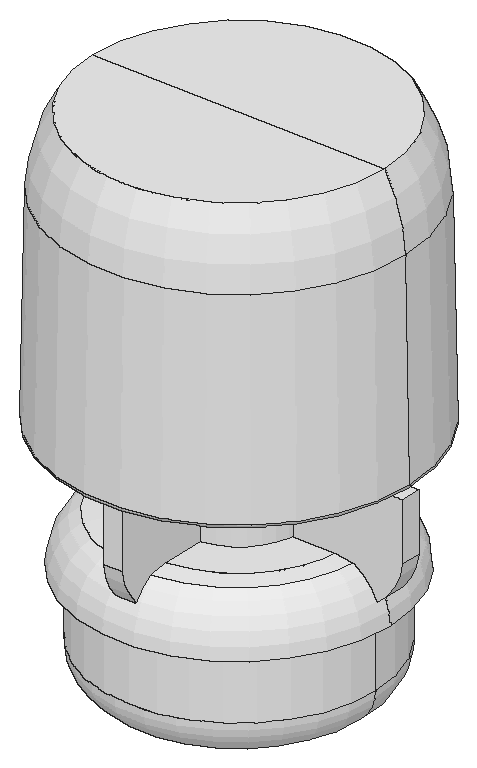
Revit family "3Aveo Sensors_RA_RFA", category Pipe Accessories, Revit 2019
Family settings
  Round Connector Dimension = Use Diameter
  Part Type = Normal
  OmniClass Number = 23.65.55.14.17
  OmniClass Title = Adjusting/Controlling Valves for Liquid Services
  Work Plane-Based = No
  Always vertical = Yes
  Cut with Voids When Loaded = No
  Shared = Yes
Parameters (values of type "Aveo Sensors_Built-in_7-28 °C")
  YH = XYadd - H'  # 516 mm
  Y' [instance] = if(Box Y Offset < -1 * XYlimit, XYadd - XYlimit, (if(Box Y Offset > XYlimit, XYadd + XYlimit, Box Y Offset + XYadd)))  # 700 mm
  XYadd = XYlimit + 100 mm  # 600 mm
  X' [instance] = if(Box X Offset < -1 * XYlimit, XYadd - XYlimit, (if(Box X Offset > XYlimit, XYadd + XYlimit, Box X Offset + XYadd)))  # 700 mm
  XYlimit = 500 mm
  W [instance] = 56 mm
  Tactile Temperature Setting = "Yes (Tactile feedback every 0.5°C)"
  Min Temperature Setting = "7 °C"  # constant formula
  Max Temperature Setting = "28 °C"
  Max Capillary Tube Length = 0 mm
  L [instance] = 56 mm
  Box Z Offset [instance] = 100 mm  # constant formula
  Aveo Sensor = Aveo_RFA : Aveo Sensors
  Sensor Media = "Gas"  # constant formula
  Remote Sensor = if(RS = 1, 1 = 1, 1 = 0)  # no
  URL = "https://store.danfoss.com/en/Climate-Solutions-for-heating/Radiator-Thermostats/Radiator-sensors/Room-sensor-mTRV/Sensors-for-Danfoss-RA-valves/c/13884?q=%3Arelevance%3Adanfoss_producttypehierarchydesc%3ADanfoss+Aveo%C2%AE+Sensors%3Adanfoss_a1186338575%3AA1186_3385757565fa0f3e171a343b2fd2a01064cb82&text="
  RS = 0
  Model Type = "Aveo Sensors_Built-in_7-28 °C"
  Model = "015G4090,015G4098,015G4290"
  Manufacturer = "Danfoss"  # constant formula
  LOD 350 [instance] = not(LOD 200)  # yes
  LOD 200 [instance] = no
  IfcExportType = "Aveo Sensors"  # constant formula
  IfcExportAs = "IfcActuatorType"  # constant formula
  H' = 84 mm
  H [instance] = 84 mm
  Description = "Radiator Sensor"  # constant formula
  Connection = "RA"  # constant formula
  Box Y Offset [instance] = 100 mm
  Box X Offset [instance] = 100 mm
  Body Material = Danfoss Plastic White
Types (8, lengths in mm): name | YH | Y' | XYadd | X' | XYlimit | W | Tactile Temperature Setting | Max Temperature Setting | Max Capillary Tube Length | L | Aveo Sensor | Remote Sensor | URL | RS | Model Type | Model
  (no name) | 516 | 700 | 600 | 700 | 500 | 56 | "Yes (Tactile feedback every 0.5°C)" | "28 °C" | 0 | 56 | Aveo_RFA : Aveo Sensors | no | "https://store.danfoss.com/en/Climate-Solutions-for-heating/Radiator-Thermostats/Radiator-sensors/Room-sensor-mTRV/Sensors-for-Danfoss-RA-valves/c/13884?q=%3Arelevance%3Adanfoss_producttypehierarchydesc%3ADanfoss+Aveo%C2%AE+Sensors%3Adanfoss_a1186338575%3AA1186_3385757565fa0f3e171a343b2fd2a01064cb82&text=" | 0 | "Aveo Sensors_Built-in_7-28 °C" | "015G4090,015G4098,015G4290"
  Aveo Sensors_Remote_7-21 °C_015G4182 | 1016 | 1200 | 1100 | 1200 | 1000 | 56 | "Yes (Tactile feedback every 0.5°C)" | "21 °C" | 2000 | 56 | Aveo_RFA : Aveo Sensors | yes | "https://store.danfoss.com/en/Climate-Solutions-for-heating/Radiator-Thermostats/Radiator-sensors/Room-sensor-mTRV/Sensors-for-Danfoss-RA-valves/c/13884?q=%3Arelevance%3Adanfoss_producttypehierarchydesc%3ADanfoss+Aveo%C2%AE+Sensors%3Adanfoss_a1186338575%3AA1186_3385756922a4d78decdb47e1e9a53dbb12a95d&text=" | 1 | "Aveo Sensors_Remote_7-21 °C" | "015G4182"
  Aveo Sensors_Tamperproof_Built-in_7-28 °C | 516 | 700 | 600 | 700 | 500 | 61 | "No" | "28 °C" | 0 | 61.03 | Aveo_RFA : Aveo Sensors_Tamper | no | "https://store.danfoss.com/en/Climate-Solutions-for-heating/Radiator-Thermostats/Radiator-sensors/Room-sensor-mTRV/Sensors-for-Danfoss-RA-valves/c/13884?q=%3Arelevance%3Adanfoss_producttypehierarchydesc%3ADanfoss+Aveo%C2%AE+Sensors%3Adanfoss_a1143338549%3AA1143_33854930bf066c25ae61e81a17fb3e21ea8fe7%3Adanfoss_a1186338575%3AA1186_3385757565fa0f3e171a343b2fd2a01064cb82&text=" | 0 | "Aveo Sensors_Tamperproof_Built-in_7-28 °C" | "015G4040,015G4240"
  Aveo Sensors_Tamperproof_Remote_7-26 °C_015G4042 | 1016 | 1200 | 1100 | 1200 | 1000 | 60.97 | "No" | "26 °C" | 2000 | 61.03 | Aveo_RFA : Aveo Sensors_Tamper | yes | "https://store.danfoss.com/en/Climate-Solutions-for-heating/Radiator-Thermostats/Radiator-sensors/Room-sensor-mTRV/Sensors-for-Danfoss-RA-valves/c/13884?q=%3Arelevance%3Adanfoss_producttypehierarchydesc%3ADanfoss+Aveo%C2%AE+Sensors%3Adanfoss_a1143338549%3AA1143_33854930bf066c25ae61e81a17fb3e21ea8fe7%3Adanfoss_a1186338575%3AA1186_3385756922a4d78decdb47e1e9a53dbb12a95d" | 1 | "Aveo Sensors_Tamperproof_Remote_7-26 °C" | "015G4042"
  Aveo Sensors_Built-in_7-21 °C_015G4180 | 516 | 700 | 600 | 700 | 500 | 56 | "Yes (Tactile feedback every 0.5°C)" | "21 °C" | 0 | 56 | Aveo_RFA : Aveo Sensors | no | "https://store.danfoss.com/en/Climate-Solutions-for-heating/Radiator-Thermostats/Radiator-sensors/Room-sensor-mTRV/Sensors-for-Danfoss-RA-valves/c/13884?q=%3Arelevance%3Adanfoss_producttypehierarchydesc%3ADanfoss+Aveo%C2%AE+Sensors%3Adanfoss_a1186338575%3AA1186_3385757565fa0f3e171a343b2fd2a01064cb82&text=" | 0 | "Aveo Sensors_Built-in_7-21 °C" | "015G4180"
  Aveo Sensors_Built-in_7-23 °C_015G4123 | 516 | 700 | 600 | 700 | 500 | 56 | "Yes (Tactile feedback every 0.5°C)" | "23 °C" | 0 | 56 | Aveo_RFA : Aveo Sensors | no | "https://store.danfoss.com/en/Climate-Solutions-for-heating/Radiator-Thermostats/Radiator-sensors/Room-sensor-mTRV/Sensors-for-Danfoss-RA-valves/c/13884?q=%3Arelevance%3Adanfoss_producttypehierarchydesc%3ADanfoss+Aveo%C2%AE+Sensors%3Adanfoss_a1186338575%3AA1186_3385757565fa0f3e171a343b2fd2a01064cb82&text=" | 0 | "Aveo Sensors_Built-in_7-23 °C" | "015G4123"
  Aveo Sensors_Built-in_7-28 °C | 516 | 700 | 600 | 700 | 500 | 56 | "Yes (Tactile feedback every 0.5°C)" | "28 °C" | 0 | 56 | Aveo_RFA : Aveo Sensors | no | "https://store.danfoss.com/en/Climate-Solutions-for-heating/Radiator-Thermostats/Radiator-sensors/Room-sensor-mTRV/Sensors-for-Danfoss-RA-valves/c/13884?q=%3Arelevance%3Adanfoss_producttypehierarchydesc%3ADanfoss+Aveo%C2%AE+Sensors%3Adanfoss_a1186338575%3AA1186_3385757565fa0f3e171a343b2fd2a01064cb82&text=" | 0 | "Aveo Sensors_Built-in_7-28 °C" | "015G4090,015G4098,015G4290"
  Aveo Sensors_Remote_7-26 °C | 1016 | 1200 | 1100 | 1200 | 1000 | 56 | "Yes (Tactile feedback every 0.5°C)" | "26 °C" | 2000 | 56 | Aveo_RFA : Aveo Sensors | yes | "https://store.danfoss.com/en/Climate-Solutions-for-heating/Radiator-Thermostats/Radiator-sensors/Room-sensor-mTRV/Sensors-for-Danfoss-RA-valves/c/13884?q=%3Arelevance%3Adanfoss_producttypehierarchydesc%3ADanfoss+Aveo%C2%AE+Sensors%3Adanfoss_a1186338575%3AA1186_3385756922a4d78decdb47e1e9a53dbb12a95d&text=" | 1 | "Aveo Sensors_Remote_7-26 °C" | "015G4092,015G4292"
Reference planes
  plane 1 "Center (Front/Back)": y = 0
  plane 2: z = 0
  plane 3 "Center (Left/Right)": x = 0
  plane 4: x = -600
  plane 5: z = -516
  plane 6: z = 184
Lines and regions (mm)
  reference lines
    curve 1: line (100, 100, 0) -> (100, 0, 0)
    curve 2: line (17.515, 100, 0) -> (-57.485, 100, 0)
Dimensions and locks
  "XYadd": plane 4 to plane 3 "Center (Left/Right)"
  "YH": level to plane 5
  locked: plane 1 "Center (Front/Back)" to curve 2 at 100
  "Y'": plane 6 to plane 5
  "X'": plane 4 to curve 1
  "H": nested 1 to level
  nested 2 to nested 1 = 100 mm
  nested 2 to plane 3 "Center (Left/Right)" = 100 mm
  "Box Z Offset": nested 2 to plane 1 "Center (Front/Back)"
  nested 1 to nested 1 = 56 mm
  "L": nested 1 to nested 1
  aligned and locked: level to plane 2
  aligned and locked: plane 3 "Center (Left/Right)" to nested 1
  aligned and locked: plane 1 "Center (Front/Back)" to nested 1
  aligned and locked: curve 1 to nested 2
  aligned and locked: plane 6 to nested 2
  aligned and locked: nested 1 to level
Automatic sketch dimensions
  plane 1 "Center (Front/Back)" to curve 1 = 0 mm
  plane 3 "Center (Left/Right)" to curve 2 = 17.515 mm
  curve 2 to plane 3 "Center (Left/Right)" = 57.485 mm
Nested families
  nested 1: "Aveo_RFA" at (0, 0, 0), type <- "Aveo Sensor", type "Aveo Sensors", detail levels fine
  nested 2: "Remote sensor_box_RFA" at (100, 100, 184) x (-1, 0, 0) z (0, -1, 0), LOD 200 <- "LOD 200", Body Material <- "Body Material", visible <- "Remote Sensor", type "Remote sensor_box"
    with LOD 350 yes, LOD 200 no, Body Material Danfoss Plastic White
Definition of nested family "Aveo_RFA"
  Parameters (values of type "Aveo Sensors")
    W = L  # 56 mm
    URL = ""
    With Tamper (LOD 350) = if(and(LOD 350, D1 = 1 mm), 1 = 1, 1 = 0)  # no
    Standard (LOD 200) = and(not([Standard (LOD 350)]), not(With Tamper), not([With Tamper (LOD 350)]))  # no
    Sensor Media = "Gas"  # constant formula
    Model = ""
    Manufacturer = "Danfoss"  # constant formula
    LOD 350 = not(LOD 200)  # yes
    LOD 200 = no
    With Tamper = if(and(LOD 200, D1 = 1 mm), 1 = 1, 1 = 0)  # no
    L = 56 mm
    IfcExportType = "Aveo Sensors"  # constant formula
    IfcExportAs = "IfcActuatorType"  # constant formula
    H [instance] = 84 mm
    Description = "Radiator Sensor"  # constant formula
    D1 = 0 mm
    Connection = "RA"  # constant formula
    Body Material = none
    Standard (LOD 350) = and(not(LOD 200), not([With Tamper (LOD 350)]))  # yes
  Types (2, lengths in mm): name | W | With Tamper (LOD 350) | L | D1 | Standard (LOD 350)
    Aveo Sensors_Tamper | 61.03 | yes | 61.03 | 1 | no
    Aveo Sensors | 56 | no | 56 | 0 | yes
  Reference planes
    plane 1 "Center (Front/Back)": y = 0
    plane 2: z = 0
    plane 3 "Center (Left/Right)": x = 0
    plane 4: y = 28
    plane 5: z = 84
    plane 6: y = -28
    plane 7: z = 15.7
    plane 8: z = 55.7
    plane 9: x = -28
    plane 10: x = 28
  Forms (mm)
    Revolve 1, solid, material <- "Body Material", visible <- "Standard (LOD 350)"
      sketch origin (58.75, 0, 0) x (1, 0, 0) y (0, 0, 1)
        loop
          line (-85.931, 72.625) -> (-86.573, 39.37)
          arc (-86.573, 39.37) -> (-86.43, 39.01) -> (-86.073, 38.861) r 0.499
          line (-86.073, 38.861) -> (-76.586, 38.861) -> (-58.75, 38.861) -> (-58.75, 84) -> (-82.453, 84)
          arc (-82.453, 84) -> (-84.968, 78.55) -> (-85.931, 72.625) r 22.184
        loop
          line (-81.015, 17.711) -> (-81.015, 7.41)
          arc (-81.015, 7.41) -> (-79.155, 2.921) -> (-74.665, 1.061) r 6.349
          line (-74.665, 1.061) -> (-72.426, 1.061) -> (-71.627, 0) -> (-58.75, 0) -> (-58.75, 26.296) -> (-75.835, 26.296) -> (-78.801, 25.879)
          arc (-78.801, 25.879) -> (-82.169, 22.397) -> (-83.397, 17.711) r 9.556
          line (-83.397, 17.711) -> (-81.015, 17.711)
        axis (-58.75, 84) -> (-58.75, 0)
      angle from 0 to 360
    Revolve 2, solid, material <- "Body Material", visible <- "Standard (LOD 200)"
      sketch origin (0, 0, 0) x (1, 0, 0) y (0, 0, 1)
        loop
          line (0, 84) -> (-23.703, 84)
          arc (-23.703, 84) -> (-26.857, 80.567) -> (-28, 76.047) r 9.507
          line (-28, 76.047) -> (-28, 26.296) -> (0, 26.296) -> (0, 84)
        axis (0, 84) -> (0, 26.296)
      angle from 0 to 360
    Extrusion 3, solid, material <- "Body Material", visible <- "Standard (LOD 350)"
      sketch origin (0, 0, 0) x (1, 0, 0) y (0, 0, 1)
        loop
          line (-10.112, 38.861) -> (-18.956, 38.861) -> (-22.118, 37.969) -> (-28, 37.969) -> (-28, 28.615)
          arc (-28, 28.615) -> (-24.743, 22.336) -> (-18.133, 19.817) r 9.932
          line (-18.133, 19.817) -> (-10.112, 19.817) -> (-10.112, 38.861)
      from -1.599 to 1.564
    Extrusion 4, solid, material <- "Body Material", visible <- "Standard (LOD 350)"
      sketch origin (0, 0, 0) x (0, 1, 0) y (0, 0, 1)
        loop
          line (-7.612, 38.861) -> (-16.456, 38.861) -> (-19.618, 37.969) -> (-25.5, 37.969) -> (-25.5, 28.615)
          arc (-25.5, 28.615) -> (-22.243, 22.336) -> (-15.633, 19.817) r 9.932
          line (-15.633, 19.817) -> (-7.612, 19.817) -> (-7.612, 38.861)
      from -1.599 to 1.564
    Extrusion 5, solid, material <- "Body Material", visible <- "Standard (LOD 350)"
      sketch origin (0, 0, 0) x (-1, 0, 0) y (0, 0, -1)
        loop
          line (-10.112, -38.861) -> (-10.112, -19.817) -> (-18.133, -19.817)
          arc (-18.133, -19.817) -> (-24.743, -22.336) -> (-28, -28.615) r 9.932
          line (-28, -28.615) -> (-28, -37.969) -> (-22.118, -37.969) -> (-18.956, -38.861) -> (-10.112, -38.861)
      from -1.599 to 1.564
    Revolve 6, solid, material <- "Body Material", visible <- "Standard (LOD 200)"
      sketch origin (0, 0, 0) x (1, 0, 0) y (0, 0, 1)
        loop
          line (-22.577, 26.296) -> (-22.577, 0) -> (0, 0) -> (0, 26.296) -> (-22.577, 26.296)
        axis (0, 26.296) -> (0, 0)
      angle from 0 to 360
    Revolve 7, solid, material <- "Body Material", visible <- "With Tamper (LOD 350)"
      sketch origin (0, 0, 0) x (1, 0, 0) y (0, 0, 1)
        loop
          line (-13.252, 0) -> (0, 0) -> (0, 84) -> (-23.345, 84)
          arc (-23.345, 84) -> (-26.272, 78.338) -> (-27.354, 72.056) r 20.885
          line (-27.354, 72.056) -> (-27.64, 55.7) -> (-29.195, 55.7) -> (-30.485, 54.745) -> (-30.485, 38.723) -> (-22.149, 18.09)
          arc (-22.149, 18.09) -> (-20.819, 16.357) -> (-18.736, 15.7) r 3.632
          line (-18.736, 15.7) -> (-17.049, 15.7) -> (-17.049, 1.11) -> (-13.252, 1.11) -> (-13.252, 0)
        axis (0, 84) -> (0, 0)
      angle from 0 to 360
    Revolve 8, solid, material <- "Body Material", visible <- "With Tamper"
      sketch origin (0, 0, 0) x (1, 0, 0) y (0, 0, 1)
        loop
          line (-17.049, 15.7) -> (-17.049, 0) -> (0, 0) -> (0, 15.7) -> (-17.049, 15.7)
        axis (0, 15.7) -> (0, 0)
      angle from 0 to 360
    Revolve 9, solid, material <- "Body Material", visible <- "With Tamper"
      sketch origin (0, 0, 0) x (1, 0, 0) y (0, 0, 1)
        loop
          line (0, 84) -> (-22.305, 84)
          arc (-22.305, 84) -> (-28.1, 81.6) -> (-30.5, 75.805) r 8.195
          line (-30.5, 75.805) -> (-30.5, 38.991) -> (-21.201, 15.7) -> (0, 15.7) -> (0, 84)
        axis (0, 84) -> (0, 15.7)
      angle from 0 to 360
    Extrusion 10, solid, visible <- "Standard (LOD 350)"
      sketch origin (0, 0, 0) x (1, 0, 0) y (0, 0, 1)
        loop
          arc (1.774, 26.527) -> (3.062, 27.175) -> (3.617, 28.507) r 2.075
          line (3.617, 28.507) -> (3.617, 31.972)
          arc (3.617, 31.972) -> (3.435, 33.865) -> (2.894, 35.69) r 9.921
          arc (2.894, 35.69) -> (2.616, 36.316) -> (2.295, 36.921) r 9.921
          arc (2.295, 36.921) -> (1.778, 37.482) -> (1.072, 37.77) r 1.747
          line (1.072, 37.77) -> (-1.072, 37.77)
          arc (-1.072, 37.77) -> (-1.778, 37.482) -> (-2.295, 36.921) r 1.747
          arc (-2.295, 36.921) -> (-2.616, 36.316) -> (-2.894, 35.69) r 9.921
          arc (-2.894, 35.69) -> (-3.435, 33.865) -> (-3.617, 31.972) r 9.921
          line (-3.617, 31.972) -> (-3.617, 28.507)
          arc (-3.617, 28.507) -> (-3.062, 27.175) -> (-1.774, 26.527) r 2.075
          line (-1.774, 26.527) -> (1.774, 26.527)
      from -27.797 to -25.847
    Extrusion 11, solid, material <- "Body Material", visible <- "Standard (LOD 350)"
      sketch origin (0, 0, 0) x (0, 1, 0) y (0, 0, 1)
        loop
          line (7.612, 38.861) -> (7.612, 19.42) -> (16.192, 19.42)
          arc (16.192, 19.42) -> (20.244, 20.167) -> (23.763, 22.31) r 11.36
          arc (23.763, 22.31) -> (25.412, 24.295) -> (26.713, 26.524) r 15.693
          line (26.713, 26.524) -> (25.847, 26.524) -> (25.847, 38.861) -> (7.612, 38.861)
      from -1.6 to 1.56
    Revolve 12, solid, material <- "Body Material", visible <- "Standard (LOD 350)"
      sketch origin (0, 0, 0) x (1, 0, 0) y (0, 0, 1)
        loop
          line (0, 38.861) -> (-10.112, 38.861) -> (-10.112, 26.296) -> (0, 26.296) -> (0, 38.861)
        axis (0, 38.861) -> (0, 26.296)
      angle from 0 to 360
  Lines and regions (mm)
    symbolic lines
      curve 1: line (25.939, -10.66, 0) -> (27.155, -6.916, 0)
  Dimensions and locks
    "H": plane 5 to level
    "W": plane 4 to plane 6
    equal spacing: plane 4, plane 1 "Center (Front/Back)", plane 6
    locked: plane 7 to level at 15.7
    level to Extrusion 10 sketch curve = 26.527 mm
    level to Extrusion 10 sketch curve = 37.77 mm
    locked: plane 8 to level at 55.7
    plane 4 to plane 6 = 56 mm
    "L": plane 9 to plane 10
    equal spacing: plane 9, plane 3 "Center (Left/Right)", plane 10
    aligned and locked: level to plane 2
    aligned and locked: Revolve 6 sketch curve to level
    aligned and locked: plane 3 "Center (Left/Right)" to Revolve 6 sketch curve
    aligned and locked: Revolve 6 sketch curve to plane 3 "Center (Left/Right)"
    aligned and locked: Revolve 7 sketch curve to plane 3 "Center (Left/Right)"  (x2)
    aligned and locked: Revolve 7 sketch curve to plane 5
    aligned and locked: Revolve 7 sketch curve to level
    aligned and locked: plane 7 to Revolve 7 sketch curve
    aligned and locked: Revolve 8 sketch curve to plane 7
    aligned and locked: Revolve 8 sketch curve to level
    aligned and locked: Revolve 8 sketch curve to plane 3 "Center (Left/Right)"  (x2)
    aligned and locked: plane 3 "Center (Left/Right)" to Revolve 9 sketch curve
    aligned and locked: Revolve 9 sketch curve to plane 7
    aligned and locked: plane 5 to Revolve 9 sketch curve
    aligned and locked: Revolve 9 sketch curve to plane 3 "Center (Left/Right)"
    aligned and locked: Revolve 2 sketch curve to plane 3 "Center (Left/Right)"
    aligned and locked: Revolve 12 sketch curve to plane 3 "Center (Left/Right)"  (x2)
    aligned and locked: Extrusion 3 to Revolve 12 sketch curve
    aligned and locked: Revolve 1 to Revolve 12 sketch curve  (x2)
    aligned and locked: plane 8 to Revolve 7 sketch curve
    aligned and locked: Extrusion 11 sketch curve to Extrusion 10
    aligned and locked: plane 3 "Center (Left/Right)" to Revolve 1 sketch curve  (x2)
    aligned and locked: Revolve 1 sketch curve to plane 3 "Center (Left/Right)"
  Automatic sketch dimensions
    plane 1 "Center (Front/Back)" to curve 1 = 10.66 mm
    curve 1 to curve 1 = 3.744 mm
    Extrusion 3 sketch curve to Extrusion 3 sketch curve = 3.162 mm
    Extrusion 3 sketch curve to Extrusion 3 sketch curve = 3.985 mm
    Extrusion 3 sketch curve to Extrusion 3 sketch curve = 8.021 mm
    Extrusion 3 sketch curve to Extrusion 3 sketch curve = 9.353 mm
    Extrusion 3 sketch curve to Extrusion 3 sketch curve = 0.892 mm
    plane 6 to Extrusion 4 sketch curve = 2.5 mm
    Extrusion 4 sketch curve to Extrusion 4 sketch curve = 5.882 mm
    Extrusion 4 sketch curve to Extrusion 4 sketch curve = 3.162 mm
    Extrusion 4 sketch curve to Extrusion 4 sketch curve = 3.985 mm
    Extrusion 4 sketch curve to Extrusion 4 sketch curve = 8.021 mm
    Extrusion 4 sketch curve to Extrusion 4 sketch curve = 9.353 mm
    Extrusion 4 sketch curve to Extrusion 4 sketch curve = 0.892 mm
    Extrusion 5 sketch curve to Extrusion 5 sketch curve = 5.882 mm
    Extrusion 5 sketch curve to Extrusion 5 sketch curve = 3.162 mm
    Extrusion 5 sketch curve to Extrusion 5 sketch curve = 3.985 mm
    Extrusion 5 sketch curve to Extrusion 5 sketch curve = 8.021 mm
    Extrusion 5 sketch curve to Extrusion 5 sketch curve = 9.353 mm
    Extrusion 5 sketch curve to Extrusion 5 sketch curve = 0.892 mm
    Revolve 1 sketch curve to plane 5 = 0 mm
    Revolve 1 sketch curve to level = 0 mm
    Revolve 1 sketch curve to plane 3 "Center (Left/Right)" = 5.004 mm
    Revolve 1 sketch curve to plane 3 "Center (Left/Right)" = 12.877 mm
    Revolve 1 sketch curve to Revolve 1 sketch curve = 0.8 mm
    Revolve 1 sketch curve to Revolve 1 sketch curve = 15.091 mm
    level to Revolve 1 sketch curve = 1.061 mm
    Revolve 1 sketch curve to Revolve 1 sketch curve = 2.239 mm
    Revolve 1 sketch curve to Revolve 1 sketch curve = 2.966 mm
    Revolve 1 sketch curve to Revolve 1 sketch curve = 2.383 mm
    Revolve 1 sketch curve to Revolve 1 sketch curve = 0.001 mm
    Revolve 1 sketch curve to Revolve 1 sketch curve = 0.417 mm
    Revolve 1 sketch curve to Revolve 1 sketch curve = 0.499 mm
    Revolve 1 sketch curve to level = 366.045 mm
    Revolve 1 sketch curve to Revolve 1 sketch curve = 11.936 mm
    Revolve 1 sketch curve to Revolve 1 sketch curve = 2130.315 mm
    Revolve 6 sketch curve to level = 366.045 mm
    plane 5 to Revolve 6 sketch curve = 2130.315 mm
    Revolve 1 sketch curve to Revolve 1 sketch curve = 10.301 mm
    level to Extrusion 3 sketch curve = 19.817 mm
    Extrusion 3 sketch curve to Extrusion 3 sketch curve = 8.799 mm
    level to Extrusion 4 sketch curve = 19.817 mm
    Extrusion 4 sketch curve to Extrusion 4 sketch curve = 8.799 mm
    Extrusion 5 sketch curve to level = 19.817 mm
    Extrusion 5 sketch curve to Extrusion 5 sketch curve = 8.799 mm
    Revolve 8 sketch curve to level = 366.045 mm
    plane 5 to Revolve 8 sketch curve = 2130.315 mm
    plane 7 to Revolve 9 sketch curve = 23.291 mm
    Revolve 9 sketch curve to level = 366.045 mm
    plane 5 to Revolve 9 sketch curve = 2130.315 mm
    Revolve 2 sketch curve to plane 5 = 0 mm
    Revolve 2 sketch curve to plane 3 "Center (Left/Right)" = 0 mm
    Revolve 2 sketch curve to plane 5 = 7.953 mm
    Revolve 2 sketch curve to Revolve 2 sketch curve = 9.507 mm
    Revolve 2 sketch curve to level = 366.045 mm
    Revolve 2 sketch curve to Revolve 2 sketch curve = 2130.315 mm
    plane 7 to Revolve 6 sketch curve = 10.596 mm
    Revolve 1 sketch curve to Revolve 1 sketch curve = 9.487 mm
    Revolve 1 sketch curve to Revolve 1 sketch curve = 12.565 mm
    Extrusion 10 sketch curve to Extrusion 10 sketch curve = 0.002 mm  (x2)
    Extrusion 10 sketch curve to Extrusion 10 sketch curve = 0.003 mm  (x3)
    Extrusion 10 sketch curve to plane 3 "Center (Left/Right)" = 6.305 mm
    Extrusion 10 sketch curve to plane 3 "Center (Left/Right)" = 3.617 mm
    Extrusion 10 sketch curve to plane 3 "Center (Left/Right)" = 1.774 mm
    Extrusion 10 sketch curve to plane 3 "Center (Left/Right)" = 1.543 mm
    Extrusion 10 sketch curve to plane 3 "Center (Left/Right)" = 1.072 mm
    Extrusion 10 sketch curve to plane 3 "Center (Left/Right)" = 0.781 mm
    plane 3 "Center (Left/Right)" to Extrusion 10 sketch curve = 0.781 mm
    plane 3 "Center (Left/Right)" to Extrusion 10 sketch curve = 1.072 mm
    plane 3 "Center (Left/Right)" to Extrusion 10 sketch curve = 1.543 mm
    Extrusion 10 sketch curve to Extrusion 10 sketch curve = 2.074 mm
    Extrusion 10 sketch curve to Extrusion 10 sketch curve = 2.687 mm
    Extrusion 10 sketch curve to Extrusion 10 sketch curve = 1.979 mm  (x2)
    Extrusion 10 sketch curve to Extrusion 10 sketch curve = 2.062 mm
    Extrusion 10 sketch curve to Extrusion 10 sketch curve = 3.468 mm
    Extrusion 10 sketch curve to Extrusion 10 sketch curve = 0 mm
    Extrusion 10 sketch curve to Extrusion 10 sketch curve = 0.85 mm
    Extrusion 10 sketch curve to Extrusion 10 sketch curve = 0.599 mm  (x2)
    plane 7 to Revolve 2 sketch curve = 10.596 mm
    Revolve 12 sketch curve to level = 366.045 mm
    plane 5 to Revolve 12 sketch curve = 2130.315 mm
    Revolve 7 sketch curve to plane 3 "Center (Left/Right)" = 6.472 mm
    Revolve 7 sketch curve to Revolve 7 sketch curve = 1.687 mm
    plane 7 to Revolve 7 sketch curve = 2.39 mm
    Revolve 7 sketch curve to Revolve 7 sketch curve = 3.413 mm
    Revolve 7 sketch curve to Revolve 7 sketch curve = 1.29 mm
    level to Revolve 7 sketch curve = 1.11 mm
    Revolve 7 sketch curve to Revolve 7 sketch curve = 16.022 mm
    Revolve 7 sketch curve to Revolve 7 sketch curve = 0.955 mm
    Revolve 7 sketch curve to Revolve 7 sketch curve = 12.308 mm
    Revolve 7 sketch curve to Revolve 7 sketch curve = 3.797 mm
    Revolve 7 sketch curve to level = 366.045 mm
    plane 5 to Revolve 7 sketch curve = 2130.315 mm
    Revolve 1 sketch curve to Revolve 1 sketch curve = 1.994 mm
    Revolve 1 sketch curve to Revolve 1 sketch curve = 0.751 mm
    plane 7 to Revolve 1 sketch curve = 2.011 mm
    Revolve 1 sketch curve to Revolve 1 sketch curve = 18.699 mm
    Revolve 1 sketch curve to plane 5 = 11.375 mm
    Revolve 1 sketch curve to plane 8 = 16.33 mm
    Revolve 2 sketch curve to plane 3 "Center (Left/Right)" = 18.493 mm
    Extrusion 3 sketch curve to plane 3 "Center (Left/Right)" = 28 mm
    Extrusion 3 sketch curve to Extrusion 3 sketch curve = 5.882 mm
    Revolve 6 sketch curve to plane 3 "Center (Left/Right)" = 22.577 mm
    Revolve 7 sketch curve to plane 3 "Center (Left/Right)" = 13.252 mm
    Revolve 7 sketch curve to Revolve 7 sketch curve = 16.873 mm
    Revolve 7 sketch curve to plane 5 = 11.944 mm
    Revolve 7 sketch curve to Revolve 7 sketch curve = 0.285 mm
    Revolve 7 sketch curve to Revolve 7 sketch curve = 1.556 mm
    Revolve 8 sketch curve to Revolve 8 sketch curve = 17.049 mm
    Revolve 9 sketch curve to Revolve 9 sketch curve = 21.201 mm
    Revolve 9 sketch curve to Revolve 9 sketch curve = 22.305 mm
    Revolve 9 sketch curve to Revolve 9 sketch curve = 9.299 mm
    plane 3 "Center (Left/Right)" to curve 1 = 25.939 mm
    curve 1 to curve 1 = 1.216 mm
    Extrusion 5 sketch curve to plane 3 "Center (Left/Right)" = 28 mm
    Extrusion 11 sketch curve to Extrusion 11 sketch curve = 3.636 mm
    Extrusion 11 sketch curve to Extrusion 11 sketch curve = 4.944 mm
    plane 7 to Extrusion 11 sketch curve = 3.72 mm
    Extrusion 11 sketch curve to Extrusion 11 sketch curve = 4.257 mm
    Extrusion 11 sketch curve to Extrusion 11 sketch curve = 2.516 mm
    Extrusion 11 sketch curve to Extrusion 11 sketch curve = 5.564 mm
    Extrusion 11 sketch curve to plane 4 = 4.237 mm
    Extrusion 11 sketch curve to Extrusion 11 sketch curve = 0.866 mm
    Extrusion 11 sketch curve to Extrusion 11 sketch curve = 7.103 mm
Definition of nested family "Remote sensor_box_RFA"
  Parameters (values of type "Remote sensor_box")
    W [instance] = 56 mm
    URL = ""
    Sensor Media = "Gas Sensor"  # constant formula
    Model = ""
    Manufacturer = "Danfoss"  # constant formula
    LOD 350 [instance] = not(LOD 200)  # no
    LOD 200 [instance] = yes
    L [instance] = 26 mm
    IfcExportType = "Remote Gas Sensor"  # constant formula
    IfcExportAs = "IfcActuatorType"  # constant formula
    H [instance] = 25 mm
    Description = "Radiator Sensor"  # constant formula
    Default Elevation = 1219.2 mm
    Body Material [instance] = none
  Reference planes
    plane 1 "Center (Front/Back)": y = 0
    plane 2: z = 0
    plane 3 "Center (Left/Right)": x = 0
    plane 4: z = 25
    plane 5: y = 28
    plane 6: y = -28
    plane 7: x = -13
    plane 8: x = 13
  Forms (mm)
    Extrusion 1, solid, material <- "Body Material", detail levels fine
      sketch origin (0, 0, 83.1) x (0, -1, 0) y (1, 0, 0)
        loop
          line (-23.8, -10) -> (23.8, -10) -> (23.8, 9.915) -> (-23.8, 9.915) -> (-23.8, -10)
      from -83.1 to -77.6
    Extrusion 2, solid, material <- "Body Material", visible <- "LOD 200", detail levels fine
      sketch origin (0, 0, 88.6) x (0, -1, 0) y (1, 0, 0)
        loop
          line (-28, -13) -> (28, -13) -> (28, 13) -> (-28, 13) -> (-28, -13)
      from -83.1 to -63.6
    Blend 3, solid, material <- "Body Material", visible <- "LOD 350", detail levels fine
      base sketch origin (0, 0, 82.972) x (0, -1, 0) y (1, 0, 0)
        loop
          line (-28.001, -13) -> (28, -13) -> (28, 13) -> (-28.001, 13) -> (-28.001, -13)
      top sketch origin (0, 0, 82.972) x (0, -1, 0) y (1, 0, 0)
        loop
          line (-26.435, -11.489) -> (26.435, -11.489) -> (26.435, 11.489) -> (-26.435, 11.489) -> (-26.435, -11.489)
      from -77.6 to -57.972
    Extrusion 4, void
      sketch origin (0, 0, 0) x (0, 1, 0) y (0, 0, 1)
        loop
          line (28.001, 5.372) -> (31.043, 5.372) -> (31.043, 25) -> (25.964, 25) -> (28.001, 5.372)
        loop
          line (-25.965, 25) -> (-31.105, 25) -> (-31.105, 5.372) -> (-28, 5.372) -> (-25.965, 25)
      from -17.5 to 17.5
    Extrusion 5, solid, material <- "Body Material", detail levels coarse+medium
      sketch origin (0, 0, 0) x (0, 1, 0) y (0, 0, 1)
        loop
          line (28, 25) -> (-28, 25) -> (-28, 0) -> (28, 0) -> (28, 25)
      from -13 to 13
  Dimensions and locks
    "H": plane 4 to level
    equal spacing: plane 7, plane 3 "Center (Left/Right)", plane 8
    equal spacing: plane 5, plane 1 "Center (Front/Back)", plane 6
    "W": plane 5 to plane 6
    "L": plane 7 to plane 8
    plane 8 to plane 7 = 26 mm
    level to Extrusion 5 = 25 mm
    aligned and locked: level to plane 2
    aligned and locked: Extrusion 1 to level
    aligned and locked: Extrusion 2 to plane 7
    aligned and locked: plane 8 to Extrusion 2
    aligned and locked: plane 4 to Extrusion 2
    aligned and locked: plane 5 to Extrusion 2
    aligned and locked: Extrusion 2 to plane 6
  Automatic sketch dimensions
    Extrusion 1 sketch curve to plane 5 = 4.2 mm
    plane 6 to Extrusion 1 sketch curve = 4.2 mm
    plane 7 to Extrusion 1 sketch curve = 3 mm
    Extrusion 1 sketch curve to plane 8 = 3.085 mm
    Extrusion 2 sketch curve to plane 5 = 0 mm
    Extrusion 2 sketch curve to plane 6 = 0 mm
    plane 7 to Extrusion 2 sketch curve = 0 mm
    Extrusion 2 sketch curve to plane 8 = 0 mm
    plane 6 to Blend 3 sketch curve = 0 mm
    Blend 3 sketch curve to plane 5 = 1.565 mm
    plane 7 to Blend 3 sketch curve = 1.511 mm
    plane 6 to Blend 3 sketch curve = 1.565 mm
    Blend 3 sketch curve to plane 8 = 1.511 mm
    Extrusion 4 sketch curve to plane 4 = 0 mm  (x2)
    Extrusion 4 sketch curve to plane 6 = 3.105 mm
    plane 6 to Extrusion 4 sketch curve = 0 mm
    plane 5 to Extrusion 4 sketch curve = 0.001 mm
    level to Extrusion 4 sketch curve = 5.372 mm  (x2)
    plane 6 to Extrusion 4 sketch curve = 2.035 mm
    Extrusion 4 sketch curve to plane 5 = 2.036 mm
    Extrusion 4 sketch curve to Extrusion 4 sketch curve = 3.042 mm
    plane 5 to Blend 3 sketch curve = 0.001 mm
    plane 7 to Blend 3 sketch curve = 0 mm
    Blend 3 sketch curve to plane 8 = 0 mm
    Extrusion 5 sketch curve to plane 4 = 0 mm
    Extrusion 5 sketch curve to plane 6 = 0 mm
    Extrusion 5 sketch curve to level = 0 mm
    Extrusion 5 sketch curve to plane 5 = 0 mm
